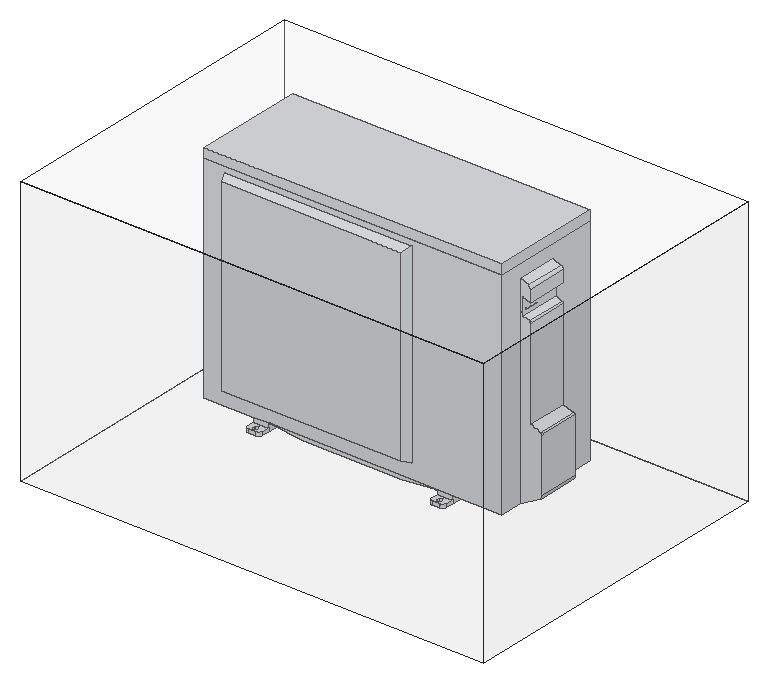
Revit family "puz-zrmp40_63(s)ka11_50Hz", category 機械設備, Revit 2019
Family settings
  丸型コネクタ寸法 = 直径を使用
  パーツ タイプ = 標準
  OmniClass 番号 = 23.75.10.24.21.27.27
  OmniClass タイトル = Split System Air Conditioning Units
  作業面ベース = いいえ
  常に垂直 = はい
  ロード時にボイドで切り取り = いいえ
  共有 = いいえ
  部屋計算ポイント = いいえ
Parameters (values of type "PUZ-ZRMP40KA11")
  音響パワーレベル（冷）(dB) = 64
  音響パワーレベル(dB) = 66
  電源種別 = ""
  電源位置Y = 61 mm
  電源位置Z = 497.7 mm
  電源位置X = 400 mm
  電圧 = 200 V
  電動機出力_送風機 = 0.04 kW
  電動機出力_圧縮機 = 0.6 kW
  集中コントローラ [instance] = ""
  運転質量 = 0.00 kg
  運転方法 = "冷暖切替"
  質量 = if(製品質量 > 運転質量, 製品質量, 運転質量) * 1.2  # 49.20 kg
  負荷分類 = 1_熱源類
  説明 = "空冷H/P PAC インバータ室外機"
  設計暖房能力 [instance] = 0 kW
  設計冷房能力_顕熱 [instance] = 0 kW
  設計冷房能力 [instance] = 0 kW
  設置方法 = "床置形"
  記号 [instance] = ""
  製造元 = "三菱電機株式会社"
  製品質量 = 41.00 kg
  製品出荷対象 = "国内"
  製品リリース年月 = "2021年5月10日"
  製品グループ = ""
  系統 [instance] = ""
  符号 = "PAC"
  積算_科目 = "1 空気調和設備"
  積算_拾い区分 [instance] = ""
  相 = 3
  盤記号 [instance] = ""
  発停方法 = "付属スイッチ"
  特殊仕様 [instance] = ""
  消費電力_暖房 = 0.705 kW
  消費電力_冷房 = 0.615 kW
  消費電力 = if(消費電力_冷房 > 消費電力_暖房, 消費電力_冷房, 消費電力_暖房)  # 0.705 kW
  法定耐用年数 = "6"
  構成品番 = "PUZ-ZRMP40KA"
  極数 = 3
  材質 [instance] = ""
  本体マテリアル = none
  最小電線太さ_mm2 = 1.6
  最大電流値 = 0 A
  暖房能力 = 4 kW
  推奨ブレーカー容量 = 15 A
  据付ピッチ1 = 0 mm
  形式 = "パッケージ形 室外機"
  形名 = PUZ-ZRMP-1 : PUZ-ZRMP-1
  幹線記号 [instance] = ""
  始動方式 = "インバータ始動方式"
  呼称 = "パッケージ形空気調和機_室外機"
  周波数 = 50 Hz
  価格 = 482000
  ドレン　位置Z = 8.5 mm
  ドレン　位置Y = 48.5 mm
  ドレン　位置X = 404.5 mm
  アンカーボルト位置Y = 330 mm
  アンカーボルト位置X = 500 mm
  参照している仕様書等のバージョン = "公共建築物標準仕様書（機械設備工事編）平成31年度版"
  分類コード = "50053003126100"
  分類グループ = ""
  冷房能力 = 3.6 kW
  冷媒管（ガス）位置X = 420 mm
  冷媒管（液）位置X = 420 mm
  冷媒管（液）位置Y = 153.75 mm
  冷媒管（ガス）位置Y = 153.75 mm
  冷媒管長 [instance] = 0 mm
  冷媒管径符号 = "Ac"
  冷媒管径 = 60.00 mm
  冷媒管位置Z = 158.95 mm
  冷媒管位置Y = (冷媒管（液）位置Y + 冷媒管（ガス）位置Y) / 2  # 153.75 mm
  冷媒管位置X = (冷媒管（液）位置X + 冷媒管（ガス）位置X) / 2  # 420 mm
  冷媒液管径 = 6.35 mm
  冷媒ガス管径 = 12.70 mm
  企業コード = "108420"
  付属品 [instance] = ""
  仕様書バージョン = "Version1.0"
  ユニット数 = 1
  ユニット3 = yes
  ユニット2 = yes
  Model = ""
  ドレン管径 = 42.00 mm
  サービススペース = yes
  コメント [instance] = ""
  ケーブル種類1 = ""
  Width = 809 mm
  Version = ""
  Uniclass2015Version = "Systems v1.9"
  Uniclass2015Title = "Split coil remote air cooled condensing units"
  Uniclass2015Code = "Pr_70_65_03_84"
  URL = "https://www.mitsubishielectric.co.jp/ldg/wink/ssl/displayProduct.do?pid=311383"
  SpecificationReference = ""
  SpecificationDescription = ""
  Revision = ""
  ProductInformation = ""
  OmniClassCode = "23-33 17 13 11"
  IfcTypeProduct = ""
  IfcProduct = ""
  IfcExportType = "AIRCONDITIONINGUNIT"
  IfcExportAs = "IfcUnitaryEquipmentType"
  Height = 630 mm
  Depth = 300 mm
  Clearance Top = 100 mm
  Clearance Right = 350 mm
  Clearance Left = 100 mm
  Clearance Front = 500 mm
  Clearance Bottom = 0 mm
  Clearance Back = 100 mm
  COP = 0
  Author = "三菱電機株式会社"
  APF = 0
Reference planes
  plane 1 "中心(正面/背面)": y = 74
  plane 2: z = 0
  plane 3 "中心(左/右)": x = 830
  plane 4 "右": x = 1234.5
  plane 5 "左": x = 425.5
  plane 6 "背面": y = 224
  plane 7 "正面": y = -76
  plane 8 "上部": z = 630
  plane 9 "Clearanse Top": z = 730
  plane 10 "SS_back": y = 324
  plane 11 "SS_front": y = -576
  plane 12 "SS_left": x = 325.5
  plane 13 "SS_right": x = 1584.5
  plane 14: z = 0
  plane 15: y = -15
  plane 16: x = 1230
  plane 17: z = 497.7
  plane 18: y = -13
  plane 19: y = 70.25
  plane 20: x = 1250
  plane 21: y = 175.5
  plane 22: x = 830
  plane 23: z = 10.5
  plane 24: z = 8.5
  plane 25: x = 580
  plane 26: x = 1080
  plane 27: y = 239
  plane 28: y = -91
Forms (mm)
  Extrusion 1, solid, detail levels fine
    sketch origin (0, -76, 0) x (1, 0, 0) y (0, 0, 1)
      loop
        circle (1230, 497.7) r 13.5
    from -63 to -61
  Extrusion 2, solid, detail levels fine
    sketch origin (-1437.329, -1524, 54) x (-1, 0, 0) y (0, -1, 0)
      loop
        circle (-2267.329, -1699.5) r 21
    from -45.5 to -43.5
  Sweep 3, solid, material <- "本体マテリアル", detail levels fine
    path origin (1250, 1296.25, 1200) x (0, 1, 0) y (0, 0, 1)
      loop
        line (-1226, -1041.05) -> (-1272.623, -1084.565)
    profile origin (1250, 46.939, 137.193) x (0, 0.682318, -0.731055) y (1, 0, 0)
      loop
        circle (0, 0) r 30
Lines and regions (mm)
  model lines, not visible
    curve 1: line (460, 178.667, 1289.179) -> (460, 297.73, 1289.179)
    curve 2: line (460, 178.667, 1056.056) -> (460, 178.667, 1289.179)
    curve 3: line (460, 297.73, 1056.056) -> (460, 178.667, 1056.056)
    curve 4: line (460, 297.73, 1289.179) -> (460, 297.73, 1056.056)
    curve 5: line (460, 47.598, 1289.179) -> (460, 166.661, 1289.179)
    curve 6: line (460, 47.598, 1056.056) -> (460, 47.598, 1289.179)
    curve 7: line (460, 166.661, 1056.056) -> (460, 47.598, 1056.056)
    curve 8: line (460, 166.661, 1289.179) -> (460, 166.661, 1056.056)
    curve 9: line (460, -83.471, 1289.179) -> (460, 35.592, 1289.179)
    curve 10: line (460, -83.471, 1056.056) -> (460, -83.471, 1289.179)
    curve 11: line (460, 35.592, 1056.056) -> (460, -83.471, 1056.056)
    curve 12: line (460, 35.592, 1289.179) -> (460, 35.592, 1056.056)
    curve 13: line (460, -150.779, 1289.179) -> (460, -95.75, 1289.179)
    curve 14: line (460, -150.779, 1056.056) -> (460, -150.779, 1289.179)
    curve 15: line (460, -95.75, 1056.056) -> (460, -150.779, 1056.056)
    curve 16: line (460, -95.75, 1289.179) -> (460, -95.75, 1056.056)
    curve 17: line (460, -150.779, 1283.175) -> (460, -132.596, 1283.175)
    curve 18: line (460, -150.779, 1062.059) -> (460, -150.779, 1283.175)
    curve 19: line (460, -132.596, 1062.059) -> (460, -150.779, 1062.059)
    curve 20: line (460, -132.596, 1283.175) -> (460, -132.596, 1062.059)
    curve 21: line (460, 178.667, 1046.051) -> (460, 297.73, 1046.051)
    curve 22: line (460, 178.667, 812.928) -> (460, 178.667, 1046.051)
    curve 23: line (460, 297.73, 812.928) -> (460, 178.667, 812.928)
    curve 24: line (460, 297.73, 1046.051) -> (460, 297.73, 812.928)
    curve 25: line (460, 47.598, 1046.051) -> (460, 166.661, 1046.051)
    curve 26: line (460, 47.598, 812.928) -> (460, 47.598, 1046.051)
    curve 27: line (460, 166.661, 812.928) -> (460, 47.598, 812.928)
    curve 28: line (460, 166.661, 1046.051) -> (460, 166.661, 812.928)
    curve 29: line (460, -83.471, 1046.051) -> (460, 35.592, 1046.051)
    curve 30: line (460, -83.471, 812.928) -> (460, -83.471, 1046.051)
    curve 31: line (460, 35.592, 812.928) -> (460, -83.471, 812.928)
    curve 32: line (460, 35.592, 1046.051) -> (460, 35.592, 812.928)
    curve 33: line (460, -150.779, 1046.051) -> (460, -95.75, 1046.051)
    curve 34: line (460, -150.779, 812.928) -> (460, -150.779, 1046.051)
    curve 35: line (460, -95.75, 812.928) -> (460, -150.779, 812.928)
    curve 36: line (460, -95.75, 1046.051) -> (460, -95.75, 812.928)
    curve 37: line (460, -150.779, 1040.048) -> (460, -132.596, 1040.048)
    curve 38: line (460, -150.779, 818.931) -> (460, -150.779, 1040.048)
    curve 39: line (460, -132.596, 818.931) -> (460, -150.779, 818.931)
    curve 40: line (460, -132.596, 1040.048) -> (460, -132.596, 818.931)
    curve 41: line (460, 178.667, 802.923) -> (460, 297.73, 802.923)
    curve 42: line (460, 178.667, 569.8) -> (460, 178.667, 802.923)
    curve 43: line (460, 297.73, 569.8) -> (460, 178.667, 569.8)
    curve 44: line (460, 297.73, 802.923) -> (460, 297.73, 569.8)
    curve 45: line (460, 47.598, 802.923) -> (460, 166.661, 802.923)
    curve 46: line (460, 47.598, 569.8) -> (460, 47.598, 802.923)
    curve 47: line (460, 166.661, 569.8) -> (460, 47.598, 569.8)
    curve 48: line (460, 166.661, 802.923) -> (460, 166.661, 569.8)
    curve 49: line (460, -83.471, 802.923) -> (460, 35.592, 802.923)
    curve 50: line (460, -83.471, 569.8) -> (460, -83.471, 802.923)
    curve 51: line (460, 35.592, 569.8) -> (460, -83.471, 569.8)
    curve 52: line (460, 35.592, 802.923) -> (460, 35.592, 569.8)
    curve 53: line (460, -150.779, 802.923) -> (460, -95.75, 802.923)
    curve 54: line (460, -150.779, 569.8) -> (460, -150.779, 802.923)
    curve 55: line (460, -95.75, 569.8) -> (460, -150.779, 569.8)
    curve 56: line (460, -95.75, 802.923) -> (460, -95.75, 569.8)
    curve 57: line (460, -150.779, 796.92) -> (460, -132.596, 796.92)
    curve 58: line (460, -150.779, 575.803) -> (460, -150.779, 796.92)
    curve 59: line (460, -132.596, 575.803) -> (460, -150.779, 575.803)
    curve 60: line (460, -132.596, 796.92) -> (460, -132.596, 575.803)
    curve 61: line (460, 178.667, 559.795) -> (460, 297.73, 559.795)
    curve 62: line (460, 178.667, 326.672) -> (460, 178.667, 559.795)
    curve 63: line (460, 297.73, 326.672) -> (460, 178.667, 326.672)
    curve 64: line (460, 297.73, 559.795) -> (460, 297.73, 326.672)
    curve 65: line (460, 47.598, 559.795) -> (460, 166.661, 559.795)
    curve 66: line (460, 47.598, 326.672) -> (460, 47.598, 559.795)
    curve 67: line (460, 166.661, 326.672) -> (460, 47.598, 326.672)
    curve 68: line (460, 166.661, 559.795) -> (460, 166.661, 326.672)
    curve 69: line (460, -83.471, 559.795) -> (460, 35.592, 559.795)
    curve 70: line (460, -83.471, 326.672) -> (460, -83.471, 559.795)
    curve 71: line (460, 35.592, 326.672) -> (460, -83.471, 326.672)
    curve 72: line (460, 35.592, 559.795) -> (460, 35.592, 326.672)
    curve 73: line (460, -150.779, 559.795) -> (460, -95.75, 559.795)
    curve 74: line (460, -150.779, 326.672) -> (460, -150.779, 559.795)
    curve 75: line (460, -95.75, 326.672) -> (460, -150.779, 326.672)
    curve 76: line (460, -95.75, 559.795) -> (460, -95.75, 326.672)
    curve 77: line (460, -150.779, 553.792) -> (460, -132.596, 553.792)
    curve 78: line (460, -150.779, 332.675) -> (460, -150.779, 553.792)
    curve 79: line (460, -132.596, 332.675) -> (460, -150.779, 332.675)
    curve 80: line (460, -132.596, 553.792) -> (460, -132.596, 332.675)
    curve 81: line (460, 178.667, 316.667) -> (460, 297.73, 316.667)
    curve 82: line (460, 178.667, 83.544) -> (460, 178.667, 316.667)
    curve 83: line (460, 297.73, 83.544) -> (460, 178.667, 83.544)
    curve 84: line (460, 297.73, 316.667) -> (460, 297.73, 83.544)
    curve 85: line (460, 47.598, 316.667) -> (460, 166.661, 316.667)
    curve 86: line (460, 47.598, 83.544) -> (460, 47.598, 316.667)
    curve 87: line (460, 166.661, 83.544) -> (460, 47.598, 83.544)
    curve 88: line (460, 166.661, 316.667) -> (460, 166.661, 83.544)
    curve 89: line (460, -83.471, 316.667) -> (460, 35.592, 316.667)
    curve 90: line (460, -83.471, 83.544) -> (460, -83.471, 316.667)
    curve 91: line (460, 35.592, 83.544) -> (460, -83.471, 83.544)
    curve 92: line (460, 35.592, 316.667) -> (460, 35.592, 83.544)
    curve 93: line (460, -150.779, 316.667) -> (460, -95.75, 316.667)
    curve 94: line (460, -150.779, 83.544) -> (460, -150.779, 316.667)
    curve 95: line (460, -95.75, 83.544) -> (460, -150.779, 83.544)
    curve 96: line (460, -95.75, 316.667) -> (460, -95.75, 83.544)
    curve 97: line (460, -150.779, 310.664) -> (460, -132.596, 310.664)
    curve 98: line (460, -150.779, 89.547) -> (460, -150.779, 310.664)
    curve 99: line (460, -132.596, 89.547) -> (460, -150.779, 89.547)
    curve 100: line (460, -132.596, 310.664) -> (460, -132.596, 89.547)
Dimensions and locks
  equal spacing: plane 7 "正面", plane 1 "中心(正面/背面)", plane 6 "背面"
  "Depth": plane 7 "正面" to plane 6 "背面"
  "Width": plane 5 "左" to plane 4 "右"
  equal spacing: plane 5 "左", plane 3 "中心(左/右)", plane 4 "右"
  "Clearance Left": plane 12 "SS_left" to plane 5 "左"
  "Clearance Right": plane 4 "右" to plane 13 "SS_right"
  "Clearance Back": plane 6 "背面" to plane 10 "SS_back"
  "Clearance Front": plane 11 "SS_front" to plane 7 "正面"
  "Height": plane 8 "上部" to level
  "Clearance Top": plane 9 "Clearanse Top" to plane 8 "上部"
  "Clearance Bottom": level to plane 14
  "電源位置X": plane 3 "中心(左/右)" to plane 16
  "電源位置Y": plane 7 "正面" to plane 15
  "電源位置Z": plane 17 to level
  locked: plane 15 to plane 18 at 2
  "冷媒管位置X": plane 3 "中心(左/右)" to plane 20
  "冷媒管位置Y": plane 19 to plane 6 "背面"
  "ドレン　位置X": plane 5 "左" to plane 22
  "ドレン　位置Y": plane 21 to plane 6 "背面"
  locked: plane 23 to plane 24 at 2
  "ドレン　位置Z": plane 24 to level
  equal spacing: plane 28, plane 1 "中心(正面/背面)", plane 27
  "アンカーボルト位置Y": plane 28 to plane 27
  equal spacing: plane 25, plane 3 "中心(左/右)", plane 26
  "アンカーボルト位置X": plane 25 to plane 26
  radius of Extrusion 1 sketch curve = 13.5 mm
  "ドレン管径": diameter of Extrusion 2 sketch curve
  "冷媒管径": diameter of Sweep 3 sketch curve
  aligned and locked: level to plane 2
  aligned and locked: plane 10 "SS_back" to nested 1  (x2)
  aligned and locked: plane 13 "SS_right" to nested 1
  aligned and locked: plane 12 "SS_left" to nested 1  (x2)
  aligned and locked: nested 1 to plane 13 "SS_right"
  aligned and locked: plane 11 "SS_front" to nested 1
  aligned and locked: plane 9 "Clearanse Top" to nested 1
  aligned and locked: plane 1 "中心(正面/背面)" to nested 2
  aligned and locked: plane 3 "中心(左/右)" to nested 2
  aligned and locked: plane 14 to nested 1
  aligned and locked: plane 17 to Extrusion 1 sketch curve
  aligned and locked: plane 16 to Extrusion 1 sketch curve
  aligned and locked: Extrusion 1 to plane 18
  aligned and locked: plane 15 to Extrusion 1
  aligned and locked: plane 22 to Extrusion 2 sketch curve
  aligned and locked: plane 21 to Extrusion 2 sketch curve
  aligned and locked: plane 23 to Extrusion 2
  aligned and locked: Extrusion 2 to plane 24
  aligned and locked: plane 25 to nested 3
  aligned and locked: plane 27 to nested 3
Automatic sketch dimensions
  Sweep 3 sketch curve to plane 18 = 36.627 mm
  plane 1 "中心(正面/背面)" to Sweep 3 sketch curve = 3.75 mm
  plane 23 to Sweep 3 sketch curve = 104.935 mm
  Sweep 3 sketch curve to Sweep 3 sketch curve = 43.515 mm
  Sweep 3 sketch curve to plane 20 = 0 mm
  Sweep 3 sketch curve to profile plane = 0 mm
Nested families
  nested 1: "サービススペース" at (955, -126, 365), visible <- "サービススペース", type "サービススペース"
    with Width 1259 mm, Height 730 mm, Depth 900 mm
  nested 2: "PUZ-ZRMP-1" at (830, 74, 0), type <- "形名", type "PUZ-ZRMP-1"
  nested 3: "固定点" at (580, -91, 0), type "固定点"
    with 中心円 10 mm, W 500 mm, D 330 mm
Connectors
  electrical at (1230, -15, 497.7), driven by "極数", driven by "負荷分類", driven by "電圧", driven by "消費電力"
    settings: on Extrusion 1, index 2, voltage 200 V, apparent load 705 VA, apparent load phase1 0 VA, apparent load phase2 0 VA, apparent load phase3 0 VA, power factor 1, load classification "1_熱源類", number of poles 3, system type 30, power factor state 1, is connector primary yes, connector utility no, sub classification motor no, connector description ""
  piping at (1250, 70.25, 158.95), diameter 60, driven by "冷媒管径", driven by "冷媒管径符号"
    settings: on Sweep 3, index 3, connector inside diameter 609.60 mm, connector length 0 mm, flow factor 0, pipe flow 0.0 L/s, pressure drop 0.0 Pa, fitting loss kfactor 0, connector angle 0.00°, fixture units 0, engagement length 0 mm, angle of deflection 0.00°, flow configuration 1, flow direction 2, fitting loss method 4, system type 7, joint type 0, gender type 0, connector reference index -1, connector utility 0, adjustable connector no, is connector primary yes, connector description "Ac"
Definition of nested family "サービススペース"
  Parameters (values of type "サービススペース")
    Width [instance] = 500 mm
    Height [instance] = 500 mm
    Depth [instance] = 500 mm
  Reference planes
    plane 1 "中心(正面/背面)": y = 0
    plane 2: z = 0
    plane 3 "中心(左/右)": x = 0
    plane 4: y = -250
    plane 5: x = 250
    plane 6: y = 250
    plane 7: x = -250
    plane 8: z = 250
    plane 9: z = -250
  Forms (mm)
    Extrusion 1, solid
      sketch origin (-638.939, 0, 72.39) x (1, 0, 0) y (0, 1, 0)
        loop
          line (388.939, 250) -> (388.939, -250) -> (888.939, -250) -> (888.939, 250) -> (388.939, 250)
      from -322.39 to 177.61
  Lines and regions (mm)
    symbolic lines
      curve 1: line (-250, 0, 250) -> (250, 0, 250)
      curve 2: line (-250, 0, -250) -> (-250, 0, 250)
      curve 3: line (250, 0, -250) -> (-250, 0, -250)
      curve 4: line (250, 0, 250) -> (250, 0, -250)
      curve 5: line (0, -250, 250) -> (0, 250, 250)
      curve 6: line (0, -250, -250) -> (0, -250, 250)
      curve 7: line (0, 250, -250) -> (0, -250, -250)
      curve 8: line (0, 250, 250) -> (0, 250, -250)
      curve 9: line (-250, 250, 0) -> (250, 250, 0)
      curve 10: line (-250, -250, 0) -> (-250, 250, 0)
      curve 11: line (250, -250, 0) -> (-250, -250, 0)
      curve 12: line (250, 250, 0) -> (250, -250, 0)
  Dimensions and locks
    equal spacing: plane 7, plane 3 "中心(左/右)", plane 5
    equal spacing: plane 4, plane 1 "中心(正面/背面)", plane 6
    "Depth": plane 4 to plane 6
    "Width": plane 7 to plane 5
    equal spacing: plane 8, plane 2, plane 9
    "Height": plane 8 to plane 9
    aligned and locked: plane 9 to curve 3
    aligned and locked: plane 7 to curve 2
    aligned and locked: curve 4 to plane 5
    aligned and locked: plane 5 to Extrusion 1
    aligned and locked: Extrusion 1 to plane 7
    aligned and locked: Extrusion 1 to plane 9
    aligned and locked: plane 8 to Extrusion 1
    aligned and locked: plane 9 to curve 7
  Automatic sketch dimensions
    plane 4 to Extrusion 1 sketch curve = 0 mm
    Extrusion 1 sketch curve to plane 7 = 0 mm
    Extrusion 1 sketch curve to plane 5 = 0 mm
    plane 6 to Extrusion 1 sketch curve = 0 mm
    curve 2 to plane 8 = 0 mm
    plane 4 to curve 11 = 0 mm
    curve 11 to plane 7 = 0 mm
    curve 11 to plane 5 = 0 mm
    plane 6 to curve 10 = 0 mm
    curve 7 to plane 4 = 0 mm
    curve 7 to plane 6 = 0 mm
    curve 6 to plane 8 = 0 mm
Definition of nested family "PUZ-ZRMP-1"
  Parameters (values of type "PUZ-ZRMP-1")
    配線取出口サイズ = 27 mm
    配線取出口-Z = 497.7 mm
    配線取出口-Y = 239 mm
    配線取出口-X = 400 mm
    液配管サイズ = 50 mm
    高さ = 630 mm
    換気-W = 310 mm
    換気-H2 = 632 mm
    換気-H1 = 325 mm
    換気-D = 23.2 mm
    奥行き = 300 mm
    吊りボルト_H = 0 mm
    吊りボルト-φ = 10 mm
    冷媒配管サイズ = 6.35 mm
    冷媒液管径-Z = 164.5 mm
    冷媒液管径-Y = 185.5 mm
    冷媒液管径-X = 420 mm
    冷媒ガス管径-Z = 99.5 mm
    冷媒ガス管径-Y = 185.5 mm
    冷媒ガス管径-X = 420 mm
    吊りボルト-W = 500 mm
    マテリアル = none
    ドレン配管サイズ = 42 mm
    ドレン管径-Z = 0 mm
    ドレン管径-Y = 251.5 mm
    ドレン管径-X = 404.5 mm
    タイプ3 = no
    タイプ2 = no
    タイプ1 = yes
    ガス配管サイズ = 12.7 mm
    吊りボルト-D = 330 mm
    幅さ = 809 mm
    a = 600 mm
  Reference planes
    plane 1 "中心(正面/背面)": y = 0
    plane 2: z = 0
    plane 3 "中心(左/右)": x = 0
    plane 4: z = 630
    plane 5: x = -404.5
    plane 6: x = 404.5
    plane 7: y = 150
    plane 8: y = -150
    plane 9: x = 466.5
    plane 10: y = -90
    plane 11: y = 20
    plane 12: z = 605
    plane 13: x = -424.5
    plane 14: x = -250
    plane 15: x = 250
    plane 16: y = 165
    plane 17: y = -165
    plane 18: x = 270
    plane 19: x = 230
    plane 20: x = -230
    plane 21: x = -270
    plane 22: y = 180
    plane 23: y = -180
    plane 24: z = 8.5
    plane 25: z = 20
    plane 26: z = 11.5
    plane 27: x = -135
    plane 28: x = 135
    plane 29: z = 625
    plane 30: y = -40
    plane 31: y = 40
    plane 32: y = -30
    plane 33: y = 30
    plane 34: z = 610
    plane 35: z = 55
    plane 36: z = 225
    plane 37: z = 570
    plane 38: x = 414.5
    plane 39: x = 435.5
    plane 40: y = -173.2
    plane 41: x = -94.5
    plane 42: z = 325
    plane 43: x = 159.5
    plane 44: x = -348.5
    plane 45: z = 589
    plane 46: z = 61
    plane 47: x = -338.5
    plane 48: x = 149.5
    plane 49: z = 579
    plane 50: z = 71
    plane 51: y = 100
    plane 52: y = -100
    plane 53: x = 0
    plane 54: y = 101.5
    plane 55: x = 420
    plane 56: x = 400
    plane 57: y = -89
    plane 58: y = -35.5
    plane 59: y = -35.5
    plane 60: x = 420
    plane 61: z = 99.5
    plane 62: z = 164.5
    plane 63: z = 497.7
    plane 64: y = -39
    plane 65: z = 137.3
    plane 66: z = 180.6
    plane 67: x = 420
    plane 68: y = -35.5
    plane 69 "グループ": x = -600
    plane 70: z = 1338
    plane 71: z = 943
    plane 72: z = 957
    plane 73: z = 1221
    plane 74: z = 693
    plane 75: z = 1211
    plane 76: z = 703
    plane 77: y = -12.5
    plane 78: y = 5
    plane 79: y = -3.75
  Forms (mm)
    Extrusion 1, solid, visible <- "タイプ1", detail levels fine
      sketch origin (-1437.329, -1524, 630) x (-1, 0, 0) y (0, -1, 0)
        loop
          line (-1167.329, -1674) -> (-1167.329, -1374) -> (-1207.329, -1374) -> (-1207.329, -1674) -> (-1167.329, -1674)
        loop
          line (-1667.329, -1674) -> (-1667.329, -1374) -> (-1707.329, -1374) -> (-1707.329, -1674) -> (-1667.329, -1674)
      from -630 to -610
    Extrusion 2, solid, material <- "マテリアル", visible <- "タイプ1", detail levels fine
      sketch origin (0, 0, 0) x (1, 0, 0) y (0, 0, 1)
        loop
          line (-230, 20) -> (-135, 11.5) -> (135, 11.5) -> (230, 20) -> (-230, 20)
      from -150 to 150
    Extrusion 3, solid, material <- "マテリアル", visible <- "タイプ1", detail levels fine
      sketch origin (-1437.329, -1524, 630) x (-1, 0, 0) y (0, -1, 0)
        loop
          circle (-1437.329, -1625.5) r 21
      from -621.5 to -618.5
    Extrusion 4, solid, material <- "マテリアル", visible <- "タイプ1", detail levels fine
      sketch origin (-1437.329, -1524, 630) x (-1, 0, 0) y (0, -1, 0)
        loop
          line (-1841.829, -1674) -> (-1032.829, -1674) -> (-1032.829, -1374) -> (-1841.829, -1374) -> (-1841.829, -1674)
      from -610 to -25
    Extrusion 5, solid, material <- "マテリアル", visible <- "タイプ1", detail levels fine
      sketch origin (-1437.329, -1524, 630) x (-1, 0, 0) y (0, -1, 0)
        loop
          line (-1032.829, -1674) -> (-1032.829, -1374) -> (-1841.829, -1374) -> (-1841.829, -1674) -> (-1032.829, -1674)
      from -25 to 0
    Blend 6, solid, material <- "マテリアル", visible <- "タイプ1", detail levels fine
      base sketch origin (0, 0, 0) x (0, 1, 0) y (0, 0, 1)
        loop
          line (40, 625) -> (-40, 625) -> (-40, 605) -> (40, 605) -> (40, 625)
      top sketch origin (0, 0, 0) x (0, 1, 0) y (0, 0, 1)
        loop
          line (30, 610) -> (-30, 610) -> (-30, 605) -> (30, 605) -> (30, 610)
      from -404.5 to -424.5
    Extrusion 7, solid, material <- "マテリアル", visible <- "タイプ1", detail levels fine
      sketch origin (0, 0, 0) x (1, 0, 0) y (0, 0, 1)
        loop
          line (404.5, 570) -> (404.5, 20) -> (461.416, 52.13)
          arc (461.416, 52.13) -> (465.136, 55.796) -> (466.5, 60.838) r 10
          line (466.5, 60.838) -> (466.5, 210.216)
          arc (466.5, 210.216) -> (465.596, 213.084) -> (463.21, 214.914) r 5
          line (463.21, 214.914) -> (435.5, 225) -> (435.5, 470.082)
          arc (435.5, 470.082) -> (434.596, 472.95) -> (432.21, 474.78) r 5
          line (432.21, 474.78) -> (414.5, 481.226) -> (414.5, 529.114) -> (435.5, 521.471) -> (435.5, 551.715)
          arc (435.5, 551.715) -> (433.692, 557.451) -> (428.92, 561.112) r 10
          line (428.92, 561.112) -> (404.5, 570)
      from -20 to 90
    Blend 8, solid, material <- "マテリアル", visible <- "タイプ1", detail levels fine
      base sketch origin (0, 0, 0) x (1, 0, 0) y (0, 0, 1)
        loop
          line (-348.5, 589) -> (-348.5, 61) -> (159.5, 61) -> (159.5, 589) -> (-348.5, 589)
      top sketch origin (0, 0, 0) x (1, 0, 0) y (0, 0, 1)
        loop
          line (-338.5, 579) -> (-338.5, 71) -> (149.5, 71) -> (149.5, 579) -> (-338.5, 579)
      from 150 to 173.2
    Extrusion 9, solid, material <- "マテリアル", visible <- "タイプ1", detail levels fine
      sketch origin (1480.036, -173.2, 1200) x (1, 0, 0) y (0, 0, 1)
        loop
          circle (-1080.036, -702.3) r 13.5
      from -134.2 to -84.2
    Extrusion 10, solid, visible <- "タイプ1", detail levels fine
      sketch origin (-1437.329, -1524, 630) x (-1, 0, 0) y (0, -1, 0)
        loop
          line (-1167.329, -1704) -> (-1167.329, -1674) -> (-1207.329, -1674) -> (-1207.329, -1704) -> (-1192.329, -1704) -> (-1192.329, -1689)
          arc (-1192.329, -1689) -> (-1187.329, -1684) -> (-1182.329, -1689) r 5
          line (-1182.329, -1689) -> (-1182.329, -1704) -> (-1167.329, -1704)
        loop
          line (-1667.329, -1704) -> (-1667.329, -1674) -> (-1707.329, -1674) -> (-1707.329, -1704) -> (-1692.329, -1704) -> (-1692.329, -1689)
          arc (-1692.329, -1689) -> (-1687.329, -1684) -> (-1682.329, -1689) r 5
          line (-1682.329, -1689) -> (-1682.329, -1704) -> (-1667.329, -1704)
        loop
          line (-1667.329, -1374) -> (-1667.329, -1354)
          arc (-1667.329, -1354) -> (-1670.258, -1346.929) -> (-1677.329, -1344) r 10
          line (-1677.329, -1344) -> (-1697.329, -1344)
          arc (-1697.329, -1344) -> (-1704.4, -1346.929) -> (-1707.329, -1354) r 10
          line (-1707.329, -1354) -> (-1707.329, -1374) -> (-1667.329, -1374)
        loop
          line (-1167.329, -1374) -> (-1167.329, -1354)
          arc (-1167.329, -1354) -> (-1170.258, -1346.929) -> (-1177.329, -1344) r 10
          line (-1177.329, -1344) -> (-1197.329, -1344)
          arc (-1197.329, -1344) -> (-1204.4, -1346.929) -> (-1207.329, -1354) r 10
          line (-1207.329, -1354) -> (-1207.329, -1374) -> (-1167.329, -1374)
        loop
          arc (-1192.329, -1359) -> (-1187.329, -1364) -> (-1182.329, -1359) r 5
          line (-1182.329, -1359) -> (-1182.329, -1354)
          arc (-1182.329, -1354) -> (-1187.329, -1349) -> (-1192.329, -1354) r 5
          line (-1192.329, -1354) -> (-1192.329, -1359)
        loop
          arc (-1692.329, -1359) -> (-1687.329, -1364) -> (-1682.329, -1359) r 5
          line (-1682.329, -1359) -> (-1682.329, -1354)
          arc (-1682.329, -1354) -> (-1687.329, -1349) -> (-1692.329, -1354) r 5
          line (-1692.329, -1354) -> (-1692.329, -1359)
      from -621.5 to -630
    Sweep 11, solid, material <- "マテリアル", visible <- "タイプ1", detail levels fine
      path origin (420, 1296.25, 1200) x (0, 1, 0) y (0, 0, 1)
        loop
          line (-1331.75, -1035.5) -> (-1308.75, -1019.4)
      profile origin (420, -24, 172.55) x (0, -0.573462, 0.819232) y (1, 0, 0)
        loop
          circle (0, 0) r 3.175
    Sweep 12, solid, material <- "マテリアル", visible <- "タイプ1", detail levels fine
      path origin (420, 1296.25, 1200) x (0, 1, 0) y (0, 0, 1)
        loop
          line (-1331.75, -1100.5) -> (-1291.25, -1062.7)
      profile origin (420, -15.25, 118.4) x (0, -0.682318, 0.731055) y (1, 0, 0)
        loop
          circle (0, 0) r 6.35
  Lines and regions (mm)
    Masking region 1, visible <- "タイプ1", detail levels coarse+medium
      outline origin (-1437.329, -1524, 630) x (-1, 0, 0) y (0, -1, 0)
        loop
          line (-1841.829, -1674) -> (-1707.329, -1674) -> (-1707.329, -1704) -> (-1667.329, -1704) -> (-1667.329, -1674) -> (-1207.329, -1674) -> (-1207.329, -1704) -> (-1167.329, -1704) -> (-1167.329, -1674) -> (-1032.829, -1674) -> (-1032.829, -1564) -> (-1012.829, -1554) -> (-1012.829, -1494) -> (-1032.829, -1484) -> (-1032.829, -1374) -> (-1088.829, -1374) -> (-1098.829, -1350.8) -> (-1167.855, -1350.8)
          arc (-1167.855, -1350.8) -> (-1171.498, -1345.876) -> (-1177.329, -1344) r 10
          line (-1177.329, -1344) -> (-1197.329, -1344)
          arc (-1197.329, -1344) -> (-1203.16, -1345.876) -> (-1206.804, -1350.8) r 10
          line (-1206.804, -1350.8) -> (-1586.829, -1350.8) -> (-1596.829, -1374) -> (-1667.329, -1374) -> (-1667.329, -1354)
          arc (-1667.329, -1354) -> (-1670.258, -1346.929) -> (-1677.329, -1344) r 10
          line (-1677.329, -1344) -> (-1697.329, -1344)
          arc (-1697.329, -1344) -> (-1704.4, -1346.929) -> (-1707.329, -1354) r 10
          line (-1707.329, -1354) -> (-1707.329, -1374) -> (-1841.829, -1374) -> (-1841.829, -1434) -> (-1903.829, -1434) -> (-1903.829, -1544) -> (-1841.829, -1544) -> (-1841.829, -1674)
    model lines, visible <- "タイプ1", detail levels fine
      curve 1: line (324.5, 100, 630) -> (-324.5, 100, 630)
      curve 2: line (-324.5, -100, 630) -> (324.5, -100, 630)
      curve 3: line (-324.5, -40, 630) -> (324.5, -40, 630)
      curve 4: line (324.5, 40, 630) -> (-324.5, 40, 630)
      curve 5: line (-324.5, -30, 630) -> (324.5, -30, 630)
      curve 6: line (324.5, 30, 630) -> (-324.5, 30, 630)
      curve 7: line (-324.5, 100, 630) -> (-324.5, 40, 630)
      curve 8: line (324.5, -100, 630) -> (324.5, -40, 630)
      curve 9: line (-324.5, 30, 630) -> (-324.5, -30, 630)
      curve 10: line (-324.5, -40, 630) -> (-324.5, -100, 630)
      curve 11: line (324.5, -30, 630) -> (324.5, 30, 630)
      curve 12: line (324.5, 40, 630) -> (324.5, 100, 630)
      curve 13: line (354.5, -100, 630) -> (354.5, 100, 630)
      curve 14: line (339.5, -100, 630) -> (339.5, 100, 630)
      curve 15: line (-354.5, 100, 630) -> (-354.5, -100, 630)
      curve 16: line (-339.5, 100, 630) -> (-339.5, -100, 630)
      curve 17: line (-339.5, 100, 630) -> (-354.5, 100, 630)
      curve 18: line (-339.5, -100, 630) -> (-354.5, -100, 630)
      curve 19: line (339.5, 100, 630) -> (354.5, 100, 630)
      curve 20: line (339.5, -100, 630) -> (354.5, -100, 630)
      curve 21: line (-338.5, -173.2, 372.5) -> (149.5, -173.2, 372.5)
      curve 22: line (149.5, -173.2, 277.5) -> (-338.5, -173.2, 277.5)
      curve 23: line (-338.5, -173.2, 467.5) -> (149.5, -173.2, 467.5)
      curve 24: line (-338.5, -173.2, 562.5) -> (149.5, -173.2, 562.5)
      curve 25: line (149.5, -173.2, 182.5) -> (-338.5, -173.2, 182.5)
      curve 26: line (149.5, -173.2, 87.5) -> (-338.5, -173.2, 87.5)
      curve 27: line (-321.071, -173.2, 579) -> (-321.071, -173.2, 71)
      curve 28: line (132.071, -173.2, 71) -> (132.071, -173.2, 579)
      curve 29: line (-303.643, -173.2, 579) -> (-303.643, -173.2, 71)
      curve 30: line (-286.214, -173.2, 579) -> (-286.214, -173.2, 71)
      curve 31: line (-268.786, -173.2, 579) -> (-268.786, -173.2, 71)
      curve 32: line (-251.357, -173.2, 579) -> (-251.357, -173.2, 71)
      curve 33: line (-233.929, -173.2, 579) -> (-233.929, -173.2, 71)
      curve 34: line (-216.5, -173.2, 579) -> (-216.5, -173.2, 71)
      curve 35: line (-199.071, -173.2, 579) -> (-199.071, -173.2, 71)
      curve 36: line (-181.643, -173.2, 579) -> (-181.643, -173.2, 71)
      curve 37: line (-164.214, -173.2, 579) -> (-164.214, -173.2, 71)
      curve 38: line (-146.786, -173.2, 579) -> (-146.786, -173.2, 71)
      curve 39: line (-129.357, -173.2, 579) -> (-129.357, -173.2, 71)
      curve 40: line (-111.929, -173.2, 579) -> (-111.929, -173.2, 71)
      curve 41: line (-94.5, -173.2, 579) -> (-94.5, -173.2, 71)
      curve 42: line (-77.071, -173.2, 579) -> (-77.071, -173.2, 71)
      curve 43: line (-59.643, -173.2, 579) -> (-59.643, -173.2, 71)
      curve 44: line (-42.214, -173.2, 579) -> (-42.214, -173.2, 71)
      curve 45: line (-24.786, -173.2, 579) -> (-24.786, -173.2, 71)
      curve 46: line (-7.357, -173.2, 579) -> (-7.357, -173.2, 71)
      curve 47: line (10.071, -173.2, 579) -> (10.071, -173.2, 71)
      curve 48: line (27.5, -173.2, 579) -> (27.5, -173.2, 71)
      curve 49: line (44.929, -173.2, 579) -> (44.929, -173.2, 71)
      curve 50: line (62.357, -173.2, 579) -> (62.357, -173.2, 71)
      curve 51: line (79.786, -173.2, 579) -> (79.786, -173.2, 71)
      curve 52: line (97.214, -173.2, 579) -> (97.214, -173.2, 71)
      curve 53: line (114.643, -173.2, 579) -> (114.643, -173.2, 71)
      curve 54: line (-404.5, -10, 574) -> (-404.5, -10, 584)
      curve 55: line (-404.5, -100, 584) -> (-404.5, -100, 574)
      curve 56: line (-404.5, 100, 584) -> (-404.5, 100, 574)
      curve 57: line (-404.5, 10, 584) -> (-404.5, 10, 574)
      curve 58: line (-404.5, 95, 589) -> (-404.5, 15, 589)
      curve 59: line (-404.5, -15, 589) -> (-404.5, -95, 589)
      curve 60: line (-404.5, -15, 569) -> (-404.5, -95, 569)
      curve 61: line (-404.5, 95, 569) -> (-404.5, 15, 569)
      curve 62: arc (-404.5, 100, 584) -> (-404.5, 98.536, 587.536) -> (-404.5, 95, 589) r 5
      curve 63: arc (-404.5, 95, 569) -> (-404.5, 98.536, 570.464) -> (-404.5, 100, 574) r 5
      curve 64: arc (-404.5, 10, 584) -> (-404.5, 11.464, 587.536) -> (-404.5, 15, 589) r 5
      curve 65: arc (-404.5, 10, 574) -> (-404.5, 11.464, 570.464) -> (-404.5, 15, 569) r 5
      curve 66: arc (-404.5, -10, 584) -> (-404.5, -11.464, 587.536) -> (-404.5, -15, 589) r 5
      curve 67: arc (-404.5, -15, 569) -> (-404.5, -11.464, 570.464) -> (-404.5, -10, 574) r 5
      curve 68: arc (-404.5, -95, 589) -> (-404.5, -98.536, 587.536) -> (-404.5, -100, 584) r 5
      curve 69: arc (-404.5, -100, 574) -> (-404.5, -98.536, 570.464) -> (-404.5, -95, 569) r 5
      curve 70: line (-404.5, -10, 544) -> (-404.5, -10, 554)
      curve 71: line (-404.5, -100, 554) -> (-404.5, -100, 544)
      curve 72: line (-404.5, 100, 554) -> (-404.5, 100, 544)
      curve 73: line (-404.5, 10, 554) -> (-404.5, 10, 544)
      curve 74: line (-404.5, 95, 559) -> (-404.5, 15, 559)
      curve 75: line (-404.5, -15, 559) -> (-404.5, -95, 559)
      curve 76: line (-404.5, -15, 539) -> (-404.5, -95, 539)
      curve 77: line (-404.5, 95, 539) -> (-404.5, 15, 539)
      curve 78: arc (-404.5, 100, 554) -> (-404.5, 98.536, 557.536) -> (-404.5, 95, 559) r 5
      curve 79: arc (-404.5, 95, 539) -> (-404.5, 98.536, 540.464) -> (-404.5, 100, 544) r 5
      curve 80: arc (-404.5, 10, 554) -> (-404.5, 11.464, 557.536) -> (-404.5, 15, 559) r 5
      curve 81: arc (-404.5, 10, 544) -> (-404.5, 11.464, 540.464) -> (-404.5, 15, 539) r 5
      curve 82: arc (-404.5, -10, 554) -> (-404.5, -11.464, 557.536) -> (-404.5, -15, 559) r 5
      curve 83: arc (-404.5, -15, 539) -> (-404.5, -11.464, 540.464) -> (-404.5, -10, 544) r 5
      curve 84: arc (-404.5, -95, 559) -> (-404.5, -98.536, 557.536) -> (-404.5, -100, 554) r 5
      curve 85: arc (-404.5, -100, 544) -> (-404.5, -98.536, 540.464) -> (-404.5, -95, 539) r 5
      curve 86: line (-404.5, -10, 514) -> (-404.5, -10, 524)
      curve 87: line (-404.5, -100, 524) -> (-404.5, -100, 514)
      curve 88: line (-404.5, 100, 524) -> (-404.5, 100, 514)
      curve 89: line (-404.5, 10, 524) -> (-404.5, 10, 514)
      curve 90: line (-404.5, 95, 529) -> (-404.5, 15, 529)
      curve 91: line (-404.5, -15, 529) -> (-404.5, -95, 529)
      curve 92: line (-404.5, -15, 509) -> (-404.5, -95, 509)
      curve 93: line (-404.5, 95, 509) -> (-404.5, 15, 509)
      curve 94: arc (-404.5, 100, 524) -> (-404.5, 98.536, 527.536) -> (-404.5, 95, 529) r 5
      curve 95: arc (-404.5, 95, 509) -> (-404.5, 98.536, 510.464) -> (-404.5, 100, 514) r 5
      curve 96: arc (-404.5, 10, 524) -> (-404.5, 11.464, 527.536) -> (-404.5, 15, 529) r 5
      curve 97: arc (-404.5, 10, 514) -> (-404.5, 11.464, 510.464) -> (-404.5, 15, 509) r 5
      curve 98: arc (-404.5, -10, 524) -> (-404.5, -11.464, 527.536) -> (-404.5, -15, 529) r 5
      curve 99: arc (-404.5, -15, 509) -> (-404.5, -11.464, 510.464) -> (-404.5, -10, 514) r 5
      curve 100: arc (-404.5, -95, 529) -> (-404.5, -98.536, 527.536) -> (-404.5, -100, 524) r 5
      curve 101: arc (-404.5, -100, 514) -> (-404.5, -98.536, 510.464) -> (-404.5, -95, 509) r 5
      curve 102: line (-404.5, -10, 484) -> (-404.5, -10, 494)
      curve 103: line (-404.5, -100, 494) -> (-404.5, -100, 484)
      curve 104: line (-404.5, 100, 494) -> (-404.5, 100, 484)
      curve 105: line (-404.5, 10, 494) -> (-404.5, 10, 484)
      curve 106: line (-404.5, 95, 499) -> (-404.5, 15, 499)
      curve 107: line (-404.5, -15, 499) -> (-404.5, -95, 499)
      curve 108: line (-404.5, -15, 479) -> (-404.5, -95, 479)
      curve 109: line (-404.5, 95, 479) -> (-404.5, 15, 479)
      curve 110: arc (-404.5, 100, 494) -> (-404.5, 98.536, 497.536) -> (-404.5, 95, 499) r 5
      curve 111: arc (-404.5, 95, 479) -> (-404.5, 98.536, 480.464) -> (-404.5, 100, 484) r 5
      curve 112: arc (-404.5, 10, 494) -> (-404.5, 11.464, 497.536) -> (-404.5, 15, 499) r 5
      curve 113: arc (-404.5, 10, 484) -> (-404.5, 11.464, 480.464) -> (-404.5, 15, 479) r 5
      curve 114: arc (-404.5, -10, 494) -> (-404.5, -11.464, 497.536) -> (-404.5, -15, 499) r 5
      curve 115: arc (-404.5, -15, 479) -> (-404.5, -11.464, 480.464) -> (-404.5, -10, 484) r 5
      curve 116: arc (-404.5, -95, 499) -> (-404.5, -98.536, 497.536) -> (-404.5, -100, 494) r 5
      curve 117: arc (-404.5, -100, 484) -> (-404.5, -98.536, 480.464) -> (-404.5, -95, 479) r 5
      curve 118: line (-404.5, -10, 454) -> (-404.5, -10, 464)
      curve 119: line (-404.5, -100, 464) -> (-404.5, -100, 454)
      curve 120: line (-404.5, 100, 464) -> (-404.5, 100, 454)
      curve 121: line (-404.5, 10, 464) -> (-404.5, 10, 454)
      curve 122: line (-404.5, 95, 469) -> (-404.5, 15, 469)
      curve 123: line (-404.5, -15, 469) -> (-404.5, -95, 469)
      curve 124: line (-404.5, -15, 449) -> (-404.5, -95, 449)
      curve 125: line (-404.5, 95, 449) -> (-404.5, 15, 449)
      curve 126: arc (-404.5, 100, 464) -> (-404.5, 98.536, 467.536) -> (-404.5, 95, 469) r 5
      curve 127: arc (-404.5, 95, 449) -> (-404.5, 98.536, 450.464) -> (-404.5, 100, 454) r 5
      curve 128: arc (-404.5, 10, 464) -> (-404.5, 11.464, 467.536) -> (-404.5, 15, 469) r 5
      curve 129: arc (-404.5, 10, 454) -> (-404.5, 11.464, 450.464) -> (-404.5, 15, 449) r 5
      curve 130: arc (-404.5, -10, 464) -> (-404.5, -11.464, 467.536) -> (-404.5, -15, 469) r 5
      curve 131: arc (-404.5, -15, 449) -> (-404.5, -11.464, 450.464) -> (-404.5, -10, 454) r 5
      curve 132: arc (-404.5, -95, 469) -> (-404.5, -98.536, 467.536) -> (-404.5, -100, 464) r 5
      curve 133: arc (-404.5, -100, 454) -> (-404.5, -98.536, 450.464) -> (-404.5, -95, 449) r 5
      curve 134: line (-404.5, -10, 424) -> (-404.5, -10, 434)
      curve 135: line (-404.5, -100, 434) -> (-404.5, -100, 424)
      curve 136: line (-404.5, 100, 434) -> (-404.5, 100, 424)
      curve 137: line (-404.5, 10, 434) -> (-404.5, 10, 424)
      curve 138: line (-404.5, 95, 439) -> (-404.5, 15, 439)
      curve 139: line (-404.5, -15, 439) -> (-404.5, -95, 439)
      curve 140: line (-404.5, -15, 419) -> (-404.5, -95, 419)
      curve 141: line (-404.5, 95, 419) -> (-404.5, 15, 419)
      curve 142: arc (-404.5, 100, 434) -> (-404.5, 98.536, 437.536) -> (-404.5, 95, 439) r 5
      curve 143: arc (-404.5, 95, 419) -> (-404.5, 98.536, 420.464) -> (-404.5, 100, 424) r 5
      curve 144: arc (-404.5, 10, 434) -> (-404.5, 11.464, 437.536) -> (-404.5, 15, 439) r 5
      curve 145: arc (-404.5, 10, 424) -> (-404.5, 11.464, 420.464) -> (-404.5, 15, 419) r 5
      curve 146: arc (-404.5, -10, 434) -> (-404.5, -11.464, 437.536) -> (-404.5, -15, 439) r 5
      curve 147: arc (-404.5, -15, 419) -> (-404.5, -11.464, 420.464) -> (-404.5, -10, 424) r 5
      curve 148: arc (-404.5, -95, 439) -> (-404.5, -98.536, 437.536) -> (-404.5, -100, 434) r 5
      curve 149: arc (-404.5, -100, 424) -> (-404.5, -98.536, 420.464) -> (-404.5, -95, 419) r 5
      curve 150: line (-404.5, -10, 394) -> (-404.5, -10, 404)
      curve 151: line (-404.5, -100, 404) -> (-404.5, -100, 394)
      curve 152: line (-404.5, 100, 404) -> (-404.5, 100, 394)
      curve 153: line (-404.5, 10, 404) -> (-404.5, 10, 394)
      curve 154: line (-404.5, 95, 409) -> (-404.5, 15, 409)
      curve 155: line (-404.5, -15, 409) -> (-404.5, -95, 409)
      curve 156: line (-404.5, -15, 389) -> (-404.5, -95, 389)
      curve 157: line (-404.5, 95, 389) -> (-404.5, 15, 389)
      curve 158: arc (-404.5, 100, 404) -> (-404.5, 98.536, 407.536) -> (-404.5, 95, 409) r 5
      curve 159: arc (-404.5, 95, 389) -> (-404.5, 98.536, 390.464) -> (-404.5, 100, 394) r 5
      curve 160: arc (-404.5, 10, 404) -> (-404.5, 11.464, 407.536) -> (-404.5, 15, 409) r 5
      curve 161: arc (-404.5, 10, 394) -> (-404.5, 11.464, 390.464) -> (-404.5, 15, 389) r 5
      curve 162: arc (-404.5, -10, 404) -> (-404.5, -11.464, 407.536) -> (-404.5, -15, 409) r 5
      curve 163: arc (-404.5, -15, 389) -> (-404.5, -11.464, 390.464) -> (-404.5, -10, 394) r 5
      curve 164: arc (-404.5, -95, 409) -> (-404.5, -98.536, 407.536) -> (-404.5, -100, 404) r 5
      curve 165: arc (-404.5, -100, 394) -> (-404.5, -98.536, 390.464) -> (-404.5, -95, 389) r 5
      curve 166: line (-404.5, -10, 364) -> (-404.5, -10, 374)
      curve 167: line (-404.5, -100, 374) -> (-404.5, -100, 364)
      curve 168: line (-404.5, 100, 374) -> (-404.5, 100, 364)
      curve 169: line (-404.5, 10, 374) -> (-404.5, 10, 364)
      curve 170: line (-404.5, 95, 379) -> (-404.5, 15, 379)
      curve 171: line (-404.5, -15, 379) -> (-404.5, -95, 379)
      curve 172: line (-404.5, -15, 359) -> (-404.5, -95, 359)
      curve 173: line (-404.5, 95, 359) -> (-404.5, 15, 359)
      curve 174: arc (-404.5, 100, 374) -> (-404.5, 98.536, 377.536) -> (-404.5, 95, 379) r 5
      curve 175: arc (-404.5, 95, 359) -> (-404.5, 98.536, 360.464) -> (-404.5, 100, 364) r 5
      curve 176: arc (-404.5, 10, 374) -> (-404.5, 11.464, 377.536) -> (-404.5, 15, 379) r 5
      curve 177: arc (-404.5, 10, 364) -> (-404.5, 11.464, 360.464) -> (-404.5, 15, 359) r 5
      curve 178: arc (-404.5, -10, 374) -> (-404.5, -11.464, 377.536) -> (-404.5, -15, 379) r 5
      curve 179: arc (-404.5, -15, 359) -> (-404.5, -11.464, 360.464) -> (-404.5, -10, 364) r 5
      curve 180: arc (-404.5, -95, 379) -> (-404.5, -98.536, 377.536) -> (-404.5, -100, 374) r 5
      curve 181: arc (-404.5, -100, 364) -> (-404.5, -98.536, 360.464) -> (-404.5, -95, 359) r 5
      curve 182: line (-404.5, -10, 334) -> (-404.5, -10, 344)
      curve 183: line (-404.5, -100, 344) -> (-404.5, -100, 334)
      curve 184: line (-404.5, 100, 344) -> (-404.5, 100, 334)
      curve 185: line (-404.5, 10, 344) -> (-404.5, 10, 334)
      curve 186: line (-404.5, 95, 349) -> (-404.5, 15, 349)
      curve 187: line (-404.5, -15, 349) -> (-404.5, -95, 349)
      curve 188: line (-404.5, -15, 329) -> (-404.5, -95, 329)
      curve 189: line (-404.5, 95, 329) -> (-404.5, 15, 329)
      curve 190: arc (-404.5, 100, 344) -> (-404.5, 98.536, 347.536) -> (-404.5, 95, 349) r 5
      curve 191: arc (-404.5, 95, 329) -> (-404.5, 98.536, 330.464) -> (-404.5, 100, 334) r 5
      curve 192: arc (-404.5, 10, 344) -> (-404.5, 11.464, 347.536) -> (-404.5, 15, 349) r 5
      curve 193: arc (-404.5, 10, 334) -> (-404.5, 11.464, 330.464) -> (-404.5, 15, 329) r 5
      curve 194: arc (-404.5, -10, 344) -> (-404.5, -11.464, 347.536) -> (-404.5, -15, 349) r 5
      curve 195: arc (-404.5, -15, 329) -> (-404.5, -11.464, 330.464) -> (-404.5, -10, 334) r 5
      curve 196: arc (-404.5, -95, 349) -> (-404.5, -98.536, 347.536) -> (-404.5, -100, 344) r 5
      curve 197: arc (-404.5, -100, 334) -> (-404.5, -98.536, 330.464) -> (-404.5, -95, 329) r 5
      curve 198: line (-404.5, -10, 304) -> (-404.5, -10, 314)
      curve 199: line (-404.5, -100, 314) -> (-404.5, -100, 304)
      curve 200: line (-404.5, 100, 314) -> (-404.5, 100, 304)
      curve 201: line (-404.5, 10, 314) -> (-404.5, 10, 304)
      curve 202: line (-404.5, 95, 319) -> (-404.5, 15, 319)
      curve 203: line (-404.5, -15, 319) -> (-404.5, -95, 319)
      curve 204: line (-404.5, -15, 299) -> (-404.5, -95, 299)
      curve 205: line (-404.5, 95, 299) -> (-404.5, 15, 299)
      curve 206: arc (-404.5, 100, 314) -> (-404.5, 98.536, 317.536) -> (-404.5, 95, 319) r 5
      curve 207: arc (-404.5, 95, 299) -> (-404.5, 98.536, 300.464) -> (-404.5, 100, 304) r 5
      curve 208: arc (-404.5, 10, 314) -> (-404.5, 11.464, 317.536) -> (-404.5, 15, 319) r 5
      curve 209: arc (-404.5, 10, 304) -> (-404.5, 11.464, 300.464) -> (-404.5, 15, 299) r 5
      curve 210: arc (-404.5, -10, 314) -> (-404.5, -11.464, 317.536) -> (-404.5, -15, 319) r 5
      curve 211: arc (-404.5, -15, 299) -> (-404.5, -11.464, 300.464) -> (-404.5, -10, 304) r 5
      curve 212: arc (-404.5, -95, 319) -> (-404.5, -98.536, 317.536) -> (-404.5, -100, 314) r 5
      curve 213: arc (-404.5, -100, 304) -> (-404.5, -98.536, 300.464) -> (-404.5, -95, 299) r 5
      curve 214: line (-404.5, -10, 274) -> (-404.5, -10, 284)
      curve 215: line (-404.5, -100, 284) -> (-404.5, -100, 274)
      curve 216: line (-404.5, 100, 284) -> (-404.5, 100, 274)
      curve 217: line (-404.5, 10, 284) -> (-404.5, 10, 274)
      curve 218: line (-404.5, 95, 289) -> (-404.5, 15, 289)
      curve 219: line (-404.5, -15, 289) -> (-404.5, -95, 289)
      curve 220: line (-404.5, -15, 269) -> (-404.5, -95, 269)
      curve 221: line (-404.5, 95, 269) -> (-404.5, 15, 269)
      curve 222: arc (-404.5, 100, 284) -> (-404.5, 98.536, 287.536) -> (-404.5, 95, 289) r 5
      curve 223: arc (-404.5, 95, 269) -> (-404.5, 98.536, 270.464) -> (-404.5, 100, 274) r 5
      curve 224: arc (-404.5, 10, 284) -> (-404.5, 11.464, 287.536) -> (-404.5, 15, 289) r 5
      curve 225: arc (-404.5, 10, 274) -> (-404.5, 11.464, 270.464) -> (-404.5, 15, 269) r 5
      curve 226: arc (-404.5, -10, 284) -> (-404.5, -11.464, 287.536) -> (-404.5, -15, 289) r 5
      curve 227: arc (-404.5, -15, 269) -> (-404.5, -11.464, 270.464) -> (-404.5, -10, 274) r 5
      curve 228: arc (-404.5, -95, 289) -> (-404.5, -98.536, 287.536) -> (-404.5, -100, 284) r 5
      curve 229: arc (-404.5, -100, 274) -> (-404.5, -98.536, 270.464) -> (-404.5, -95, 269) r 5
      curve 230: line (-404.5, -10, 244) -> (-404.5, -10, 254)
      curve 231: line (-404.5, -100, 254) -> (-404.5, -100, 244)
      curve 232: line (-404.5, 100, 254) -> (-404.5, 100, 244)
      curve 233: line (-404.5, 10, 254) -> (-404.5, 10, 244)
      curve 234: line (-404.5, 95, 259) -> (-404.5, 15, 259)
      curve 235: line (-404.5, -15, 259) -> (-404.5, -95, 259)
      curve 236: line (-404.5, -15, 239) -> (-404.5, -95, 239)
      curve 237: line (-404.5, 95, 239) -> (-404.5, 15, 239)
      curve 238: arc (-404.5, 100, 254) -> (-404.5, 98.536, 257.536) -> (-404.5, 95, 259) r 5
      curve 239: arc (-404.5, 95, 239) -> (-404.5, 98.536, 240.464) -> (-404.5, 100, 244) r 5
      curve 240: arc (-404.5, 10, 254) -> (-404.5, 11.464, 257.536) -> (-404.5, 15, 259) r 5
      curve 241: arc (-404.5, 10, 244) -> (-404.5, 11.464, 240.464) -> (-404.5, 15, 239) r 5
      curve 242: arc (-404.5, -10, 254) -> (-404.5, -11.464, 257.536) -> (-404.5, -15, 259) r 5
      curve 243: arc (-404.5, -15, 239) -> (-404.5, -11.464, 240.464) -> (-404.5, -10, 244) r 5
      curve 244: arc (-404.5, -95, 259) -> (-404.5, -98.536, 257.536) -> (-404.5, -100, 254) r 5
      curve 245: arc (-404.5, -100, 244) -> (-404.5, -98.536, 240.464) -> (-404.5, -95, 239) r 5
      curve 246: line (-404.5, -10, 214) -> (-404.5, -10, 224)
      curve 247: line (-404.5, -100, 224) -> (-404.5, -100, 214)
      curve 248: line (-404.5, 100, 224) -> (-404.5, 100, 214)
      curve 249: line (-404.5, 10, 224) -> (-404.5, 10, 214)
      curve 250: line (-404.5, 95, 229) -> (-404.5, 15, 229)
      curve 251: line (-404.5, -15, 229) -> (-404.5, -95, 229)
      curve 252: line (-404.5, -15, 209) -> (-404.5, -95, 209)
      curve 253: line (-404.5, 95, 209) -> (-404.5, 15, 209)
      curve 254: arc (-404.5, 100, 224) -> (-404.5, 98.536, 227.536) -> (-404.5, 95, 229) r 5
      curve 255: arc (-404.5, 95, 209) -> (-404.5, 98.536, 210.464) -> (-404.5, 100, 214) r 5
      curve 256: arc (-404.5, 10, 224) -> (-404.5, 11.464, 227.536) -> (-404.5, 15, 229) r 5
      curve 257: arc (-404.5, 10, 214) -> (-404.5, 11.464, 210.464) -> (-404.5, 15, 209) r 5
      curve 258: arc (-404.5, -10, 224) -> (-404.5, -11.464, 227.536) -> (-404.5, -15, 229) r 5
      curve 259: arc (-404.5, -15, 209) -> (-404.5, -11.464, 210.464) -> (-404.5, -10, 214) r 5
      curve 260: arc (-404.5, -95, 229) -> (-404.5, -98.536, 227.536) -> (-404.5, -100, 224) r 5
      curve 261: arc (-404.5, -100, 214) -> (-404.5, -98.536, 210.464) -> (-404.5, -95, 209) r 5
      curve 262: line (-404.5, -10, 184) -> (-404.5, -10, 194)
      curve 263: line (-404.5, -100, 194) -> (-404.5, -100, 184)
      curve 264: line (-404.5, 100, 194) -> (-404.5, 100, 184)
      curve 265: line (-404.5, 10, 194) -> (-404.5, 10, 184)
      curve 266: line (-404.5, 95, 199) -> (-404.5, 15, 199)
      curve 267: line (-404.5, -15, 199) -> (-404.5, -95, 199)
      curve 268: line (-404.5, -15, 179) -> (-404.5, -95, 179)
      curve 269: line (-404.5, 95, 179) -> (-404.5, 15, 179)
      curve 270: arc (-404.5, 100, 194) -> (-404.5, 98.536, 197.536) -> (-404.5, 95, 199) r 5
      curve 271: arc (-404.5, 95, 179) -> (-404.5, 98.536, 180.464) -> (-404.5, 100, 184) r 5
      curve 272: arc (-404.5, 10, 194) -> (-404.5, 11.464, 197.536) -> (-404.5, 15, 199) r 5
      curve 273: arc (-404.5, 10, 184) -> (-404.5, 11.464, 180.464) -> (-404.5, 15, 179) r 5
      curve 274: arc (-404.5, -10, 194) -> (-404.5, -11.464, 197.536) -> (-404.5, -15, 199) r 5
      curve 275: arc (-404.5, -15, 179) -> (-404.5, -11.464, 180.464) -> (-404.5, -10, 184) r 5
      curve 276: arc (-404.5, -95, 199) -> (-404.5, -98.536, 197.536) -> (-404.5, -100, 194) r 5
      curve 277: arc (-404.5, -100, 184) -> (-404.5, -98.536, 180.464) -> (-404.5, -95, 179) r 5
      curve 278: line (-404.5, -10, 154) -> (-404.5, -10, 164)
      curve 279: line (-404.5, -100, 164) -> (-404.5, -100, 154)
      curve 280: line (-404.5, 100, 164) -> (-404.5, 100, 154)
      curve 281: line (-404.5, 10, 164) -> (-404.5, 10, 154)
      curve 282: line (-404.5, 95, 169) -> (-404.5, 15, 169)
      curve 283: line (-404.5, -15, 169) -> (-404.5, -95, 169)
      curve 284: line (-404.5, -15, 149) -> (-404.5, -95, 149)
      curve 285: line (-404.5, 95, 149) -> (-404.5, 15, 149)
      curve 286: arc (-404.5, 100, 164) -> (-404.5, 98.536, 167.536) -> (-404.5, 95, 169) r 5
      curve 287: arc (-404.5, 95, 149) -> (-404.5, 98.536, 150.464) -> (-404.5, 100, 154) r 5
      curve 288: arc (-404.5, 10, 164) -> (-404.5, 11.464, 167.536) -> (-404.5, 15, 169) r 5
      curve 289: arc (-404.5, 10, 154) -> (-404.5, 11.464, 150.464) -> (-404.5, 15, 149) r 5
      curve 290: arc (-404.5, -10, 164) -> (-404.5, -11.464, 167.536) -> (-404.5, -15, 169) r 5
      curve 291: arc (-404.5, -15, 149) -> (-404.5, -11.464, 150.464) -> (-404.5, -10, 154) r 5
      curve 292: arc (-404.5, -95, 169) -> (-404.5, -98.536, 167.536) -> (-404.5, -100, 164) r 5
      curve 293: arc (-404.5, -100, 154) -> (-404.5, -98.536, 150.464) -> (-404.5, -95, 149) r 5
      curve 294: line (-404.5, -10, 124) -> (-404.5, -10, 134)
      curve 295: line (-404.5, -100, 134) -> (-404.5, -100, 124)
      curve 296: line (-404.5, 100, 134) -> (-404.5, 100, 124)
      curve 297: line (-404.5, 10, 134) -> (-404.5, 10, 124)
      curve 298: line (-404.5, 95, 139) -> (-404.5, 15, 139)
      curve 299: line (-404.5, -15, 139) -> (-404.5, -95, 139)
      curve 300: line (-404.5, -15, 119) -> (-404.5, -95, 119)
      curve 301: line (-404.5, 95, 119) -> (-404.5, 15, 119)
      curve 302: arc (-404.5, 100, 134) -> (-404.5, 98.536, 137.536) -> (-404.5, 95, 139) r 5
      curve 303: arc (-404.5, 95, 119) -> (-404.5, 98.536, 120.464) -> (-404.5, 100, 124) r 5
      curve 304: arc (-404.5, 10, 134) -> (-404.5, 11.464, 137.536) -> (-404.5, 15, 139) r 5
      curve 305: arc (-404.5, 10, 124) -> (-404.5, 11.464, 120.464) -> (-404.5, 15, 119) r 5
      curve 306: arc (-404.5, -10, 134) -> (-404.5, -11.464, 137.536) -> (-404.5, -15, 139) r 5
      curve 307: arc (-404.5, -15, 119) -> (-404.5, -11.464, 120.464) -> (-404.5, -10, 124) r 5
      curve 308: arc (-404.5, -95, 139) -> (-404.5, -98.536, 137.536) -> (-404.5, -100, 134) r 5
      curve 309: arc (-404.5, -100, 124) -> (-404.5, -98.536, 120.464) -> (-404.5, -95, 119) r 5
      curve 310: line (-404.5, -10, 94) -> (-404.5, -10, 104)
      curve 311: line (-404.5, -100, 104) -> (-404.5, -100, 94)
      curve 312: line (-404.5, 100, 104) -> (-404.5, 100, 94)
      curve 313: line (-404.5, 10, 104) -> (-404.5, 10, 94)
      curve 314: line (-404.5, 95, 109) -> (-404.5, 15, 109)
      curve 315: line (-404.5, -15, 109) -> (-404.5, -95, 109)
      curve 316: line (-404.5, -15, 89) -> (-404.5, -95, 89)
      curve 317: line (-404.5, 95, 89) -> (-404.5, 15, 89)
      curve 318: arc (-404.5, 100, 104) -> (-404.5, 98.536, 107.536) -> (-404.5, 95, 109) r 5
      curve 319: arc (-404.5, 95, 89) -> (-404.5, 98.536, 90.464) -> (-404.5, 100, 94) r 5
      curve 320: arc (-404.5, 10, 104) -> (-404.5, 11.464, 107.536) -> (-404.5, 15, 109) r 5
      curve 321: arc (-404.5, 10, 94) -> (-404.5, 11.464, 90.464) -> (-404.5, 15, 89) r 5
      curve 322: arc (-404.5, -10, 104) -> (-404.5, -11.464, 107.536) -> (-404.5, -15, 109) r 5
      curve 323: arc (-404.5, -15, 89) -> (-404.5, -11.464, 90.464) -> (-404.5, -10, 94) r 5
      curve 324: arc (-404.5, -95, 109) -> (-404.5, -98.536, 107.536) -> (-404.5, -100, 104) r 5
      curve 325: arc (-404.5, -100, 94) -> (-404.5, -98.536, 90.464) -> (-404.5, -95, 89) r 5
      curve 326: line (-404.5, -10, 64) -> (-404.5, -10, 74)
      curve 327: line (-404.5, -100, 74) -> (-404.5, -100, 64)
      curve 328: line (-404.5, 100, 74) -> (-404.5, 100, 64)
      curve 329: line (-404.5, 10, 74) -> (-404.5, 10, 64)
      curve 330: line (-404.5, 95, 79) -> (-404.5, 15, 79)
      curve 331: line (-404.5, -15, 79) -> (-404.5, -95, 79)
      curve 332: line (-404.5, -15, 59) -> (-404.5, -95, 59)
      curve 333: line (-404.5, 95, 59) -> (-404.5, 15, 59)
      curve 334: arc (-404.5, 100, 74) -> (-404.5, 98.536, 77.536) -> (-404.5, 95, 79) r 5
      curve 335: arc (-404.5, 95, 59) -> (-404.5, 98.536, 60.464) -> (-404.5, 100, 64) r 5
      curve 336: arc (-404.5, 10, 74) -> (-404.5, 11.464, 77.536) -> (-404.5, 15, 79) r 5
      curve 337: arc (-404.5, 10, 64) -> (-404.5, 11.464, 60.464) -> (-404.5, 15, 59) r 5
      curve 338: arc (-404.5, -10, 74) -> (-404.5, -11.464, 77.536) -> (-404.5, -15, 79) r 5
      curve 339: arc (-404.5, -15, 59) -> (-404.5, -11.464, 60.464) -> (-404.5, -10, 64) r 5
